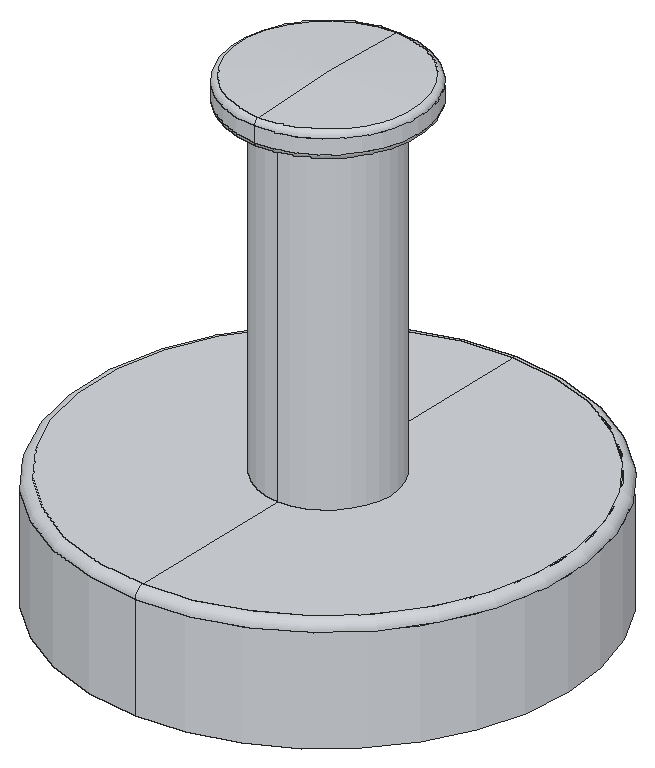
Revit family "Accessory-Robe_Hook-KOHLER-ELATE-K-27290BR_1", category Specialty Equipment, host Face, Revit 2017
Family settings
  Host = Face
  Round Connector Dimension = Use Diameter
  Part Type = Normal
  OmniClass Number = 23.31.25.27
  OmniClass Title = Robe Hooks
  Cut with Voids When Loaded = No
  Shared = No
  Room Calculation Point = No
Parameters (values of type "CP-Polished Chrome")
  Width = 1 31/32"  # constant formula
  WaterSense Certified = 1 = 0  # no
  URL = "https://br.kohler.com/"
  Type = 1
  Product Page URL = "https://br.kohler.com/product-detail/27290br?skuid=K-27290BR-CP"
  Product Name = "ELATE"  # constant formula
  Product Documentation Link = ""
  Model = if(Type = 1, "K-27290BR-CP", if(Type = 2, "K-27290BR-BN", if(Type = 3, "K-27290BR-BL", "NA")))  # "K-27290BR-CP"
  Material = "Premium Metal Construction"  # constant formula
  Master Format 2014 Name = "Toilet, Bath, and Laundry Accessories"  # constant formula
  Master Format 2014 = "10 28 00"  # constant formula
  Manufacturer Address = "Rio de Janeiro MULTIREPAROS RUA BATISTA DA COSTA, Nº 352 | STORE B Rio de Janeiro SÃO GONÇALO 24450-470"  # constant formula
  Manufacturer = "KOHLER Co."  # constant formula
  Length = 1 119/128"  # constant formula
  Height = 1 31/32"  # constant formula
  Finish = Kohler-Metal-CP-Polished_Chrome
  Environmental Product Declaration = ""
  Description = "Clothes Hanger"  # constant formula
  Default Elevation = 42"
  Declare Label = ""
  Date Modified = "09/03/2021"  # constant formula
  Date Created = "09/03/2021"  # constant formula
  Copyright = "Copyright KOHLER Co."  # constant formula
  Contact Us = "https://br.kohler.com/asr-listing"
  Assembly Code = "C1030200"
  ADA Compliant = 1 = 0  # no
Types (4): name | Type | Product Page URL | Model | Finish
  (no name) | 1 | "https://br.kohler.com/product-detail/27290br?skuid=K-27290BR-CP" | "K-27290BR-CP" | Kohler-Metal-CP-Polished_Chrome
  CP-Polished Chrome | 1 | "https://br.kohler.com/product-detail/27290br?skuid=K-27290BR-CP" | "K-27290BR-CP" | Kohler-Metal-CP-Polished_Chrome
  BN-Vibrant Brushed Nickel | 2 | "https://br.kohler.com/product-detail/27290br?skuid=K-27290BR-BN" | "K-27290BR-BN" | Kohler-Metal-BN-Vibrant_Brushed_Nickel
  BL-Matte Black | 3 | "https://br.kohler.com/product-detail/27290br?skuid=K-27290BR-BL" | "K-27290BR-BL" | Kohler-Metal-BL-Matte_Black
Reference planes (in)
  plane 1 "Center (Front/Back)": y = 0
  plane 2: z = 0
  plane 3 "Center (Left/Right)": x = 0
  plane 4: y = 0.98425
  plane 5: y = 0.37402
  plane 6: x = -0.98425
  plane 7: x = -0.37402
  plane 8: x = 0.9845
  plane 9: x = 0.37402
  plane 10: y = -0.9845
  plane 11: y = -0.37402
  plane 12: z = 0.46585
  plane 13: z = 1.92969
Dimensions and locks (in)
  "Width": plane 6 to plane 8
  "Height": plane 4 to plane 10
  "Length": plane 13 to plane 2
  aligned and locked: plane 2 to host face
  aligned and locked: level to host face
  aligned and locked: plane 1 "Center (Front/Back)" to nested 1
  aligned and locked: plane 3 "Center (Left/Right)" to nested 1
Automatic sketch dimensions
  host sketch curve to host sketch curve = 96"  (x2)
Nested families (in)
  nested 1: "K-27290BR" at (0, 0, 0), type "K-27290BR"
Definition of nested family "K-27290BR"
  Parameters (values of type "K-27290BR")
    Material = none
  Reference planes (in)
    plane 1 "Center (Front/Back)": y = 0
    plane 2: z = 0
    plane 3 "Center (Left/Right)": x = 0
    plane 4: x = -0.98425
    plane 5: y = 0.98425
    plane 6: x = 0.98425
    plane 7: y = -0.98425
    plane 8: y = 0.37402
    plane 9: y = -0.37402
    plane 10: x = -0.37402
    plane 11: x = 0.37402
    plane 12: z = 0.46585
    plane 13: z = 1.92913
  Forms (in)
    Revolve 1, solid, material <- "Material", detail levels medium+fine
      sketch origin (0, 0, 0) x (0, 1, 0) y (0, 0, 1)
        loop
          line (-0.2561, 0.46585) -> (-0.94488, 0.46585)
          arc (-0.94488, 0.46585) -> (-0.97272, 0.45431) -> (-0.98425, 0.42648) r 0.03937
          line (-0.98425, 0.42648) -> (-0.98425, 0) -> (0, 0) -> (0, 1.92913)
          arc (0, 1.92913) -> (-0.17668, 1.92589) -> (-0.35312, 1.91615) r 4.80941
          arc (-0.35312, 1.91615) -> (-0.36798, 1.90901) -> (-0.37402, 1.89366) r 0.02255
          line (-0.37402, 1.89366) -> (-0.37402, 1.83359)
          arc (-0.37402, 1.83359) -> (-0.36825, 1.81967) -> (-0.35433, 1.8139) r 0.01969
          line (-0.35433, 1.8139) -> (-0.2973, 1.8139)
          arc (-0.2973, 1.8139) -> (-0.26817, 1.80183) -> (-0.2561, 1.77271) r 0.04119
          line (-0.2561, 1.77271) -> (-0.2561, 0.46585)
        axis (0, 1.92913) -> (0, 0)
      angle from 0 to 360
    Revolve 2, solid, material <- "Material", detail levels coarse
      sketch origin (0, 0, 0) x (1, 0, 0) y (0, 0, 1)
        loop
          line (-0.2561, 0.46585) -> (-0.98425, 0.46585) -> (-0.98425, 0) -> (0, 0) -> (0, 1.92913) -> (-0.37402, 1.92913) -> (-0.37402, 1.8139) -> (-0.2561, 1.8139) -> (-0.2561, 0.46585)
        axis (0, 1.92913) -> (0, 0)
      angle from 0 to 360
  Lines and regions (in)
    Masking region 1
      outline origin (0, 0, 0) x (1, 0, 0) y (0, 1, 0)
        loop
          circle (0, 0) r 0.98425
    Masking region 2
      outline origin (0, 0, 0) x (0, 1, 0) y (0, 0, 1)
        loop
          line (-0.2561, 0.46585) -> (-0.94488, 0.46585)
          arc (-0.94488, 0.46585) -> (-0.97272, 0.45431) -> (-0.98425, 0.42648) r 0.03937
          line (-0.98425, 0.42648) -> (-0.98425, 0) -> (0, 0) -> (0.98425, 0) -> (0.98425, 0.42648)
          arc (0.98425, 0.42648) -> (0.97272, 0.45431) -> (0.94488, 0.46585) r 0.03937
          line (0.94488, 0.46585) -> (0.2561, 0.46585) -> (0.2561, 1.77271)
          arc (0.2561, 1.77271) -> (0.26817, 1.80183) -> (0.2973, 1.8139) r 0.04119
          line (0.2973, 1.8139) -> (0.35433, 1.8139)
          arc (0.35433, 1.8139) -> (0.36825, 1.81967) -> (0.37402, 1.83359) r 0.01969
          line (0.37402, 1.83359) -> (0.37402, 1.89366)
          arc (0.37402, 1.89366) -> (0.36798, 1.90901) -> (0.35312, 1.91615) r 0.02255
          arc (0.35312, 1.91615) -> (0.17668, 1.92589) -> (0, 1.92913) r 4.80941
          arc (0, 1.92913) -> (-0.17668, 1.92589) -> (-0.35312, 1.91615) r 4.80941
          arc (-0.35312, 1.91615) -> (-0.36798, 1.90901) -> (-0.37402, 1.89366) r 0.02255
          line (-0.37402, 1.89366) -> (-0.37402, 1.83359)
          arc (-0.37402, 1.83359) -> (-0.36825, 1.81967) -> (-0.35433, 1.8139) r 0.01969
          line (-0.35433, 1.8139) -> (-0.2973, 1.8139)
          arc (-0.2973, 1.8139) -> (-0.26817, 1.80183) -> (-0.2561, 1.77271) r 0.04119
          line (-0.2561, 1.77271) -> (-0.2561, 0.46585)
    Masking region 3
      outline origin (0, 0, 0) x (1, 0, 0) y (0, 0, 1)
        loop
          line (-0.2561, 0.46585) -> (-0.94488, 0.46585)
          arc (-0.94488, 0.46585) -> (-0.97272, 0.45431) -> (-0.98425, 0.42648) r 0.03937
          line (-0.98425, 0.42648) -> (-0.98425, 0) -> (0, 0) -> (0.98425, 0) -> (0.98425, 0.42648)
          arc (0.98425, 0.42648) -> (0.97272, 0.45431) -> (0.94488, 0.46585) r 0.03937
          line (0.94488, 0.46585) -> (0.2561, 0.46585) -> (0.2561, 1.77271)
          arc (0.2561, 1.77271) -> (0.26817, 1.80183) -> (0.2973, 1.8139) r 0.04119
          line (0.2973, 1.8139) -> (0.35433, 1.8139)
          arc (0.35433, 1.8139) -> (0.36825, 1.81967) -> (0.37402, 1.83359) r 0.01969
          line (0.37402, 1.83359) -> (0.37402, 1.89366)
          arc (0.37402, 1.89366) -> (0.36798, 1.90901) -> (0.35312, 1.91615) r 0.02255
          arc (0.35312, 1.91615) -> (0.17668, 1.92589) -> (0, 1.92913) r 4.80941
          arc (0, 1.92913) -> (-0.17668, 1.92589) -> (-0.35312, 1.91615) r 4.80941
          arc (-0.35312, 1.91615) -> (-0.36798, 1.90901) -> (-0.37402, 1.89366) r 0.02255
          line (-0.37402, 1.89366) -> (-0.37402, 1.83359)
          arc (-0.37402, 1.83359) -> (-0.36825, 1.81967) -> (-0.35433, 1.8139) r 0.01969
          line (-0.35433, 1.8139) -> (-0.2973, 1.8139)
          arc (-0.2973, 1.8139) -> (-0.26817, 1.80183) -> (-0.2561, 1.77271) r 0.04119
          line (-0.2561, 1.77271) -> (-0.2561, 0.46585)
    symbolic lines, detail levels medium+fine
      curve 1: circle (0, 0, 0) r 0.37402 normal (0, 0, 1)
      curve 2: line (0, 0.2561, 0.46585) -> (0, -0.2561, 0.46585)
      curve 3: line (0, 0.2973, 1.8139) -> (0, -0.2973, 1.8139)
      curve 4: line (0, 0.35312, 1.91615) -> (0, -0.35312, 1.91615)
      curve 5: line (0.2561, 0, 0.46585) -> (-0.2561, 0, 0.46585)
      curve 6: line (0.2973, 0, 1.8139) -> (-0.2973, 0, 1.8139)
      curve 7: line (0.35312, 0, 1.91615) -> (-0.35312, 0, 1.91615)
  Dimensions and locks (in)
    locked: plane 4 to plane 6 at 1.9685
    locked: plane 5 to plane 7 at 1.9685
    plane 13 to plane 2 = 1.92913"
    aligned and locked: plane 2 to level
